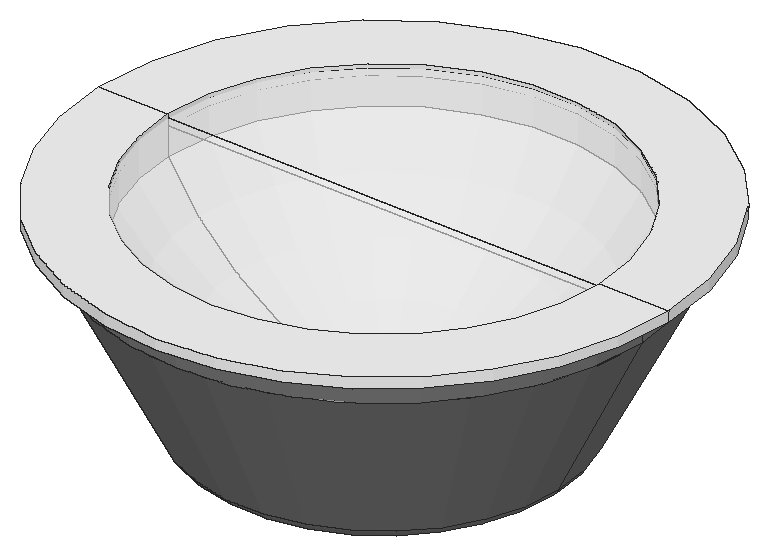
Revit family "0030349", category Lighting Fixtures, host Face, Revit 2016
Family settings
  Host = Face
  Part Type = Normal
  Round Connector Dimension = Use Diameter
  OmniClass Number = 23.80.70.00
  OmniClass Title = Lighting
  Cut with Voids When Loaded = No
  Light Source = Yes
  Shared = No
  Room Calculation Point = No
Parameters (values of type "0030349 Insaver Slim UGR19 IP44 DALI 150 1000lm 840")
  WidthBezel_SYL = if(Size1_SYL, 20 mm, if(Size2_SYL, 20 mm, if(Size3PIR_SYL, 30 mm, if(Size4_SYL, 20 mm, 20 mm))))  # 20 mm
  Weight = "5.52 kg"
  Wattage Comments = ""
  Wattage = 9 W
  WarrantyStartDate [instance] = "n/a"
  WarrantyGuarantorParts = "n/a"
  WarrantyDurationUnit = "n/a"
  WarrantyDurationParts = "n/a"
  WarrantyDescription = "n/a"
  built-in parameter 1150110 = 1 (stored number, unit not read)
  Voltage = 230 V
  VisibilityPIR_SYL = Size3PIR_SYL  # no
  URL = "http://www.sylvania-lighting.com"
  TypeName = "Insaver Slim UGR19 IP44 DALI 150 1000lm 840"
  Type Image = <None>
  Type Comments = "n/a"
  built-in parameter 1114217 = 1 (stored number, unit not read)
  Tilt Angle = -90.00°
  built-in parameter 1150109 = 1 (stored number, unit not read)
  built-in parameter 1150134 = 12
  built-in parameter 1150113 = 1 (stored number, unit not read)
  Size4_SYL = no
  Size3PIR_SYL = no
  Size2_SYL = no
  Size1_SYL = yes
  SerialNumber [instance] = "n/a"
  RadiusTop_SYL = 6 mm
  RadiusReflector_SYL = if(Size1_SYL, 85 mm, if(Size2_SYL, 85 mm, if(Size3PIR_SYL, 85 mm, if(Size4_SYL, 100 mm, 120 mm))))  # 85 mm
  Photometric Web File = "0030349.ies"
  Material_3_FEILO = Top-Sylvania-STARTDownlight
  PowerFactor = 0.9
  PowerConsumption = "9 W"
  NominalLength = 165 mm
  NominalHeight = 50 mm
  NominalDepth = 165 mm
  Name = "Insaver Slim UGR19 IP44 DALI 150 1000lm 840"
  ModelReference = Name  # "Insaver Slim UGR19 IP44 DALI 150 1000lm 840"
  ModelNumber = "0030349"
  Model = Name  # "Insaver Slim UGR19 IP44 DALI 150 1000lm 840"
  Material = "aluminium housing, na diffuser"
  ManufacturerName = "Feilo Sylvania"
  Manufacturer = "Feilo Sylvania"
  LuminousEfficacy = "128 lm/W"
  built-in parameter 1150105 = 91.673 (stored number, unit not read)
  Lumens = 1152 lm
  LuminaireType = ""
  built-in parameter 1150115 = 1 (stored number, unit not read)
  LightOutputRatio = "n/a"
  built-in parameter 1150137 = (empty or 0)
  built-in parameter 1150139 = (empty or 0)
  LampsType = Lamp  # "LED"
  LampNominalLuminous = "lm"
  LampMacAdamStep = "5"
  LampColourTemperature = "4000 K"
  LampColourRenderingIndex = "80"
  built-in parameter 1150112 = 1 (stored number, unit not read)
  built-in parameter 1150114 = 1 (stored number, unit not read)
  Lamp = "LED"
  Keynote = "16500"
  InstallationDate [instance] = "n/a"
  InputVoltage = "AC 220-240 V"
  InputNominalFrequency = "50/60 Hz"
  built-in parameter 1150132 = (empty or 0)
  built-in parameter 1150102 = (empty or 0)
  built-in parameter 1150107 = 4000 (stored number, unit not read)
  built-in parameter 1150138 = (empty or 0)
  IngressProtection = "IP40/20"
  ImpactProtectionIndex = "IK07"
  built-in parameter 1150106 = 0.91673 (stored number, unit not read)
  IfcExportType = "IfcLightFixtureType"
  IfcExportAs = "IfcLightFixtureType"
  Height_SYL = if(Size1_SYL, 61 mm, if(Size2_SYL, 61 mm, if(Size3PIR_SYL, 61 mm, if(Size4_SYL, 61 mm, 60 mm))))  # 61 mm
  HeightBezel_SYL = if(Size1_SYL, 3 mm, if(Size2_SYL, 3 mm, if(Size3PIR_SYL, 3 mm, if(Size4_SYL, 3.2 mm, 3 mm))))  # 3 mm
  ExpectedLife = 50000
  Emit from Circle Diameter = Diameter_SYL - 40 mm  # 125 mm
  Emit Shape Visible in Rendering = no
  ElectricShockClassification = "Class II"
  built-in parameter 1150104 = 11.892 (stored number, unit not read)
  DurationUnit = "hours"
  DocumentationLiterature = "http://www.sylvania-lighting.com/product/en-int/products/0030349"
  DimmingControlOptions = "DALI dimmable"
  Material_2_FEILO = Diffuser-Sylvania-STARTDownlight
  Dimming Lamp Color Temperature Shift = <None>
  Diameter_SYL = if(Size1_SYL, 165 mm, if(Size2_SYL, 190 mm, if(Size3PIR_SYL, 211 mm, if(Size4_SYL, 220 mm, 240 mm))))  # 165 mm
  DiameterTop_SYL = if(Size1_SYL, 98 mm, if(Size2_SYL, 122 mm, if(Size3PIR_SYL, 120 mm, if(Size4_SYL, 135 mm, 158 mm))))  # 98 mm
  DiameterTopBase_SYL = DiameterRecess_SYL  # 150 mm
  DiameterRecess_SYL = if(Size1_SYL, 150 mm, if(Size2_SYL, 170 mm, if(Size3PIR_SYL, 186 mm, if(Size4_SYL, 200 mm, 225 mm))))  # 150 mm
  Description = ""
  Default Elevation = 1219.2 mm
  CreatedOn = "5/28/2019"
  CreatedBy = "@sylvania-lighting.com"
  Cost = 0
  Color Filter = 16777215
  built-in parameter 1114216 [instance] = (empty or 0)
  ClassificationValue = "EF_70_80"
  ClassificationName = "Uniclass2015"
  Material_1_FEILO = Trim-Sylvania-STARTDownlight-White
  BarCode [instance] = "n/a"
  built-in parameter 1114218 = 1 (stored number, unit not read)
  built-in parameter 1150133 = 10 (stored number, unit not read)
  AssetType = "Fixed"
  AssetIdentifier [instance] = "n/a"
  Assembly Code = "D5020200"
  Apparent Load = 9 VA
  Material_4_FEILO = LED-Sylvania-STARTDownlight
Types (2, lengths in mm): name | Wattage | Photometric Web File | PowerConsumption | LuminousEfficacy | built-in parameter 1150105 | Lumens | LampNominalLuminous | built-in parameter 1150106 | built-in parameter 1150104 | Apparent Load
  0030349 Insaver Slim UGR19 IP44 DALI 150 1000lm 840 | 9 W | "0030349.ies" | "9 W" | "128 lm/W" | 91.673 (stored number, unit not read) | 1152 lm | "lm" | 0.91673 (stored number, unit not read) | 11.892 (stored number, unit not read) | 9 VA
  0030349 Insaver Slim UGR19 IP44 DALI 150 1000lm 840 Emergency mode | 12 W | "0030349EM.ies" | "12 W" | "37.2 lm/W" | 287.55 (stored number, unit not read) | 446.4 lm | "445 lm" | 2.8755 (stored number, unit not read) | 3.456 (stored number, unit not read) | 12 VA
Reference planes
  plane 1 "Center (Front/Back)": y = 0
  plane 2: z = 0
  plane 3 "Center (Left/Right)": x = 0
  plane 4: x = 82.5
  plane 5: x = -82.5
  plane 6: z = 3
  plane 7: z = -8
  plane 8: z = -58
  plane 9: x = -75
  plane 10: x = 75
  plane 11: x = -49
  plane 12: x = 49
  plane 13: z = -85
  plane 14: x = -62.5
  plane 15: z = 2
  plane 16: z = -46
  plane 17: x = -16
  plane 18: x = -67.5
  plane 19: x = -81.5
  plane 20: x = -99.5
  plane 21: x = -76.5
  plane 22: z = 5.5
  plane 23: z = 8.7
  plane 24: x = -75.5
  plane 25: z = 13.7
Forms (mm)
  Revolve 1, void
    sketch origin (0, 0, 0) x (1, 0, 0) y (0, 0, 1)
      loop
        line (0, 0) -> (-75, 0) -> (-75, -85) -> (0, -85) -> (0, 0)
      axis (0, 0) -> (0, -85)
    angle from 360 to 0
  Revolve 2, solid, material "Trim-Sylvania-STARTDownlight-White" <- "Material_1_FEILO"
    sketch origin (0, 0, 0) x (1, 0, 0) y (0, 0, 1)
      loop
        line (-62.5, 3) -> (-82.5, 3) -> (-82.5, 0) -> (-75, 0) -> (-75, -8) -> (-50.681, -54.768)
        arc (-50.681, -54.768) -> (-48.471, -57.129) -> (-45.357, -58) r 6
        line (-45.357, -58) -> (0, -58) -> (0, -46) -> (-16, -46)
        arc (-16, -46) -> (-42.718, -31.243) -> (-62.5, -8) r 85
        line (-62.5, -8) -> (-62.5, 3)
      axis (0, 3) -> (0, -58)
    angle from 360 to 0
  Revolve 3, solid, material "Diffuser-Sylvania-STARTDownlight" <- "Material_2_FEILO"
    sketch origin (0, 0, 0) x (1, 0, 0) y (0, 0, 1)
      loop
        line (-62.5, 0) -> (0, 0) -> (0, 2) -> (-62.5, 2) -> (-62.5, 0)
      axis (0, 2) -> (0, 0)
    angle from 360 to 0
  Revolve 4, solid, material "Trim-Sylvania-STARTDownlight-White" <- "Material_1_FEILO", visible <- "VisibilityPIR_SYL"
    sketch origin (0, 0, 0) x (1, 0, 0) y (0, 0, 1)
      loop
        line (-67.5, 3) -> (-67.5, 13.7)
        arc (-67.5, 13.7) -> (-72.217, 12.347) -> (-75.5, 8.7) r 8.9
        line (-75.5, 8.7) -> (-75.5, 5.5) -> (-76.5, 5.5) -> (-76.5, 3) -> (-67.5, 3)
      axis (-67.5, 13.7) -> (-67.5, 3)
    angle from 360 to 0
Dimensions and locks
  equal spacing: plane 4, plane 3 "Center (Left/Right)", plane 5
  "Diameter_SYL": plane 4 to plane 5
  equal spacing: plane 10, plane 3 "Center (Left/Right)", plane 9
  equal spacing: plane 12, plane 3 "Center (Left/Right)", plane 11
  "DiameterTop_SYL": plane 12 to plane 11
  "HeightBezel_SYL": plane 6 to plane 2
  "Height_SYL": plane 6 to plane 8
  locked: plane 2 to plane 7 at 8
  locked: plane 2 to plane 13 at 85
  "WidthBezel_SYL": plane 14 to plane 5
  locked: plane 6 to plane 15 at 1
  "DiameterRecess_SYL": plane 10 to plane 9
  locked: plane 3 "Center (Left/Right)" to plane 17 at 16
  locked: plane 16 to plane 8 at 12
  locked: plane 18 to plane 21 at 9
  locked: plane 22 to plane 6 at 2.5
  locked: plane 23 to plane 22 at 3.2
  locked: plane 18 to plane 24 at 8
  locked: plane 25 to plane 23 at 5
  locked: plane 25 to Revolve 4 sketch curve at 8.9
  locked: plane 18 to plane 5 at 15
  "RadiusReflector_SYL": radius of Revolve 2 sketch curve
  "RadiusTop_SYL": radius of Revolve 2 sketch curve
  aligned and locked: plane 2 to host face
  aligned and locked: level to host face
  aligned and locked: Revolve 1 sketch curve to plane 3 "Center (Left/Right)"
  aligned and locked: plane 3 "Center (Left/Right)" to Revolve 1 sketch curve
  aligned and locked: Revolve 1 sketch curve to plane 9
  aligned and locked: plane 13 to Revolve 1 sketch curve
  aligned and locked: plane 3 "Center (Left/Right)" to imposter light
  aligned and locked: imposter light to plane 15
  aligned and locked: imposter light to plane 1 "Center (Front/Back)"
  aligned and locked: Revolve 2 sketch curve to plane 3 "Center (Left/Right)"
  aligned and locked: Revolve 2 sketch curve to plane 6
  aligned and locked: Revolve 2 sketch curve to plane 5
  aligned and locked: Revolve 2 sketch curve to level
  aligned and locked: plane 7 to Revolve 2 sketch curve  (x2)
  aligned and locked: Revolve 2 sketch curve to plane 9
  aligned and locked: plane 8 to Revolve 2 sketch curve
  aligned and locked: Revolve 2 sketch curve to plane 14
  aligned and locked: plane 3 "Center (Left/Right)" to Revolve 2 sketch curve
  aligned and locked: Revolve 2 sketch curve to plane 16
  aligned and locked: Revolve 3 sketch curve to plane 3 "Center (Left/Right)"
  aligned and locked: Revolve 3 sketch curve to level
  aligned and locked: imposter light to Revolve 3 sketch curve  (x2)
  aligned and locked: Revolve 4 sketch curve to plane 18  (x2)
  aligned and locked: Revolve 4 sketch curve to plane 6
  aligned and locked: plane 22 to Revolve 4 sketch curve
  aligned and locked: plane 24 to Revolve 4 sketch curve
  aligned and locked: Revolve 4 sketch curve to Revolve 4 sketch curve
  aligned and locked: plane 21 to Revolve 4 sketch curve
Automatic sketch dimensions
  host sketch curve to host sketch curve = 2438.4 mm  (x2)
  plane 13 to Revolve 1 sketch curve = 524.6 mm
  Revolve 1 sketch curve to plane 6 = 2606.058 mm
  Revolve 1 sketch curve to level = 0 mm
  Revolve 2 sketch curve to plane 17 = 0 mm
  Revolve 2 sketch curve to plane 11 = 1.681 mm
  plane 11 to Revolve 2 sketch curve = 3.643 mm
  plane 13 to Revolve 2 sketch curve = 524.6 mm
  Revolve 2 sketch curve to Revolve 2 sketch curve = 2577.983 mm
  Revolve 3 sketch curve to plane 14 = 0 mm
  plane 13 to Revolve 3 sketch curve = 524.6 mm
  Revolve 3 sketch curve to plane 6 = 2606.058 mm
  Revolve 4 sketch curve to plane 23 = 0 mm
  plane 13 to Revolve 4 sketch curve = 524.6 mm
  Revolve 4 sketch curve to Revolve 4 sketch curve = 2595.358 mm
Connectors
  electrical at (0, 0, 0), driven by "Apparent Load", driven by "PowerFactor", driven by "Voltage"
    settings: index 1, voltage 230 V, apparent load 9 VA, apparent load phase1 0 VA, apparent load phase2 0 VA, apparent load phase3 0 VA, power factor 0.9, load classification "Lighting", number of poles 1, system type 30, power factor state 1, is connector primary yes, connector utility no, sub classification motor no, connector description ""
